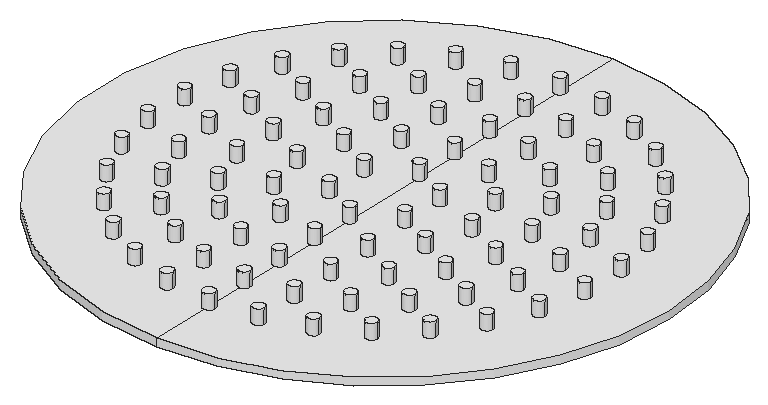
Revit family "Shower-Head-Caroma Titan1", category Plumbing Fixtures, host Face, Revit 2013
Parameters (values of type "200mm")
  Waste Connection = no
  Vent Connection = no
  URL = "http://www.caroma.com.au/"
  Type Comments = if(Small, "Caroma Titan Round Shower Head 200mm", "Caroma Titan Round Shower Head 300mm")  # "Caroma Titan Round Shower Head 200mm"
  Small = yes
  Model = if(Small, "99017SS3A", "99018SS3A")  # "99017SS3A"
  Material_ANZRS = Metal-Chrome-Caroma
  Manufacturer = "GWA Bathrooms & Kitchens"  # constant formula
  Length_ANZRS = if(Small, 200 mm, 300 mm)  # 200 mm
  Large = not(Small)  # no
  Keynote = ""
  HW Connection = no
  Description = "WELS 3 Star rated, 9L/min"  # constant formula
  Default Elevation = 0 mm
  CreatedBy_ANZRS = "Design Content"  # constant formula
  CreatedByURL_ANZRS = "www.designcontent.com.au"
  CW Connection = no
  Assembly Code = "C1030210"
Types (2, lengths in mm): name | Type Comments | Small | Model | Length_ANZRS | Large
  200mm | "Caroma Titan Round Shower Head 200mm" | yes | "99017SS3A" | 200 | no
  300mm | "Caroma Titan Round Shower Head 300mm" | no | "99018SS3A" | 300 | yes
Reference planes
  plane 1 "Center (Front/Back)": y = 0
  plane 2: z = 0
  plane 3 "Center (Left/Right)": x = 0
  plane 4: z = 56.397
  plane 5: z = 45.397
  plane 6 "Left": x = -100
  plane 7 "Right": x = 100
  plane 8: y = -100
  plane 9: y = 100
Forms (mm)
  Revolve 1, solid, material "Metal-Chrome-Caroma" <- "Material_ANZRS"
    sketch origin (0, -400, 656) x (0, 0, -1) y (0, 1, 0)
      loop
        line (656.004, 400) -> (656.004, 411.758) -> (641.949, 411.758) -> (641.949, 410.115) -> (638.437, 410.115) -> (638.437, 409.013) -> (632.502, 409.013)
        arc (632.502, 409.013) -> (631.413, 409.941) -> (630.196, 410.694) r 9.393
        line (630.196, 410.694) -> (630.196, 415.089) -> (629.252, 416.033) -> (614.659, 416.033) -> (614.659, 414.431) -> (613.202, 414.431) -> (613.202, 400) -> (656.004, 400)
      axis (613.202, 400) -> (656.004, 400)
    angle from 0 to 360
  Revolve 2, solid, material "Metal-Chrome-Caroma" <- "Material_ANZRS"
    sketch origin (0, -400, 656) x (0, 0, -1) y (0, 1, 0)
      loop
        line (614.388, 416.033) -> (610.876, 416.033) -> (610.876, 481.334)
        arc (610.876, 481.334) -> (610.807, 481.851) -> (610.608, 482.334) r 2
        line (610.608, 482.334) -> (607.631, 487.49)
        arc (607.631, 487.49) -> (607.431, 487.972) -> (607.363, 488.49) r 2
        line (607.363, 488.49) -> (607.363, 500.074) -> (604.563, 500.074) -> (604.563, 400) -> (614.388, 400) -> (614.388, 416.033)
      axis (604.563, 400) -> (614.388, 400)
    angle from 0 to 360
  Extrusion 3, solid, material "Metal-Chrome-Caroma" <- "Material_ANZRS", visible <- "Small", detail levels fine
    sketch origin (0, 0, 0) x (1, 0, 0) y (0, 1, 0)
      loop
        circle (0, 77.084) r 2
      loop
        circle (0, 61.607) r 2
      loop
        circle (0, 46.165) r 2
      loop
        circle (0, 30.703) r 2
      loop
        circle (0, 15.328) r 2
      loop
        circle (-13.275, 7.664) r 2
      loop
        circle (-26.59, 15.352) r 2
      loop
        circle (-30.703, 0) r 2
      loop
        circle (-45.464, 8.016) r 2
      loop
        circle (-61.607, 0) r 2
      loop
        circle (-76.661, 8.057) r 2
      loop
        circle (-73.311, 23.82) r 2
      loop
        circle (-59.508, 15.945) r 2
      loop
        circle (-66.756, 38.542) r 2
      loop
        circle (-53.354, 30.804) r 2
      loop
        circle (-39.98, 23.082) r 2
      loop
        circle (-29.674, 35.364) r 2
      loop
        circle (-15.352, 26.59) r 2
      loop
        circle (-15.789, 43.381) r 2
      loop
        circle (-30.804, 53.354) r 2
      loop
        circle (-15.945, 59.508) r 2
      loop
        circle (-16.027, 75.399) r 2
      loop
        circle (-31.353, 70.419) r 2
      loop
        circle (-45.309, 62.362) r 2
      loop
        circle (-57.284, 51.579) r 2
      loop
        circle (-43.563, 43.563) r 2
      loop
        circle (0, -77.084) r 2
      loop
        circle (0, -61.607) r 2
      loop
        circle (0, -46.165) r 2
      loop
        circle (0, -30.703) r 2
      loop
        circle (0, -15.328) r 2
      loop
        circle (-13.275, -7.664) r 2
      loop
        circle (-26.59, -15.352) r 2
      loop
        circle (-45.464, -8.016) r 2
      loop
        circle (-76.661, -8.057) r 2
      loop
        circle (-73.311, -23.82) r 2
      loop
        circle (-59.508, -15.945) r 2
      loop
        circle (-66.756, -38.542) r 2
      loop
        circle (-53.354, -30.804) r 2
      loop
        circle (-39.98, -23.082) r 2
      loop
        circle (-29.674, -35.364) r 2
      loop
        circle (-15.352, -26.59) r 2
      loop
        circle (-15.789, -43.381) r 2
      loop
        circle (-30.804, -53.354) r 2
      loop
        circle (-15.945, -59.508) r 2
      loop
        circle (-16.027, -75.399) r 2
      loop
        circle (-31.353, -70.419) r 2
      loop
        circle (-45.309, -62.362) r 2
      loop
        circle (-57.284, -51.579) r 2
      loop
        circle (-43.563, -43.563) r 2
      loop
        circle (13.275, 7.664) r 2
      loop
        circle (26.59, 15.352) r 2
      loop
        circle (30.703, 0) r 2
      loop
        circle (45.464, 8.016) r 2
      loop
        circle (61.607, 0) r 2
      loop
        circle (76.661, 8.057) r 2
      loop
        circle (73.311, 23.82) r 2
      loop
        circle (59.508, 15.945) r 2
      loop
        circle (66.756, 38.542) r 2
      loop
        circle (53.354, 30.804) r 2
      loop
        circle (39.98, 23.082) r 2
      loop
        circle (29.674, 35.364) r 2
      loop
        circle (15.352, 26.59) r 2
      loop
        circle (15.789, 43.381) r 2
      loop
        circle (30.804, 53.354) r 2
      loop
        circle (15.945, 59.508) r 2
      loop
        circle (16.027, 75.399) r 2
      loop
        circle (31.353, 70.419) r 2
      loop
        circle (45.309, 62.362) r 2
      loop
        circle (57.284, 51.579) r 2
      loop
        circle (43.563, 43.563) r 2
      loop
        circle (13.275, -7.664) r 2
      loop
        circle (26.59, -15.352) r 2
      loop
        circle (45.464, -8.016) r 2
      loop
        circle (76.661, -8.057) r 2
      loop
        circle (73.311, -23.82) r 2
      loop
        circle (59.508, -15.945) r 2
      loop
        circle (66.756, -38.542) r 2
      loop
        circle (53.354, -30.804) r 2
      loop
        circle (39.98, -23.082) r 2
      loop
        circle (29.674, -35.364) r 2
      loop
        circle (15.352, -26.59) r 2
      loop
        circle (15.789, -43.381) r 2
      loop
        circle (30.804, -53.354) r 2
      loop
        circle (15.945, -59.508) r 2
      loop
        circle (16.027, -75.399) r 2
      loop
        circle (31.353, -70.419) r 2
      loop
        circle (45.309, -62.362) r 2
      loop
        circle (57.284, -51.579) r 2
      loop
        circle (43.563, -43.563) r 2
    from 51.437 to 56.397
  Extrusion 4, solid, material "Metal-Chrome-Caroma" <- "Material_ANZRS", visible <- "Large", detail levels fine
    sketch origin (0, 0, 0) x (1, 0, 0) y (0, 1, 0)
      loop
        circle (0, 106.975) r 2
      loop
        circle (0, 87.475) r 2
      loop
        circle (0, 67.975) r 2
      loop
        circle (0, 51.475) r 2
      loop
        circle (0, 32.975) r 2
      loop
        circle (0, 16.975) r 2
      loop
        circle (-14.701, 8.487) r 2
      loop
        circle (-32.975, 0) r 2
      loop
        circle (-67.975, 0) r 2
      loop
        circle (-106.975, 0) r 2
      loop
        circle (-105.35, 18.576) r 2
      loop
        circle (-100.523, 36.588) r 2
      loop
        circle (-92.643, 53.487) r 2
      loop
        circle (-81.947, 68.762) r 2
      loop
        circle (-68.762, 81.947) r 2
      loop
        circle (-53.487, 92.643) r 2
      loop
        circle (-36.588, 100.523) r 2
      loop
        circle (-18.576, 105.35) r 2
      loop
        circle (-18.187, 85.563) r 2
      loop
        circle (-35.579, 79.912) r 2
      loop
        circle (-51.416, 70.769) r 2
      loop
        circle (-65.006, 58.532) r 2
      loop
        circle (-75.755, 43.737) r 2
      loop
        circle (-83.194, 27.031) r 2
      loop
        circle (-86.996, 9.144) r 2
      loop
        circle (-65.659, 17.593) r 2
      loop
        circle (-58.868, 33.987) r 2
      loop
        circle (-48.065, 48.065) r 2
      loop
        circle (-33.987, 58.868) r 2
      loop
        circle (-17.593, 65.659) r 2
      loop
        circle (-17.605, 48.371) r 2
      loop
        circle (-33.087, 39.432) r 2
      loop
        circle (-44.579, 25.737) r 2
      loop
        circle (-50.693, 8.939) r 2
      loop
        circle (0, 126.475) r 2
      loop
        circle (-18.91, 125.028) r 2
      loop
        circle (-37.342, 120.821) r 2
      loop
        circle (-54.942, 113.913) r 2
      loop
        circle (-71.316, 104.46) r 2
      loop
        circle (-86.098, 92.672) r 2
      loop
        circle (-98.958, 78.812) r 2
      loop
        circle (-109.608, 63.191) r 2
      loop
        circle (-117.811, 46.156) r 2
      loop
        circle (-123.384, 28.09) r 2
      loop
        circle (-126.202, 9.394) r 2
      loop
        circle (-28.635, 16.441) r 2
      loop
        circle (-16.556, 28.52) r 2
      loop
        circle (14.701, 8.487) r 2
      loop
        circle (105.35, 18.576) r 2
      loop
        circle (100.523, 36.588) r 2
      loop
        circle (92.643, 53.487) r 2
      loop
        circle (81.947, 68.762) r 2
      loop
        circle (68.762, 81.947) r 2
      loop
        circle (53.487, 92.643) r 2
      loop
        circle (36.588, 100.523) r 2
      loop
        circle (18.576, 105.35) r 2
      loop
        circle (18.187, 85.563) r 2
      loop
        circle (35.579, 79.912) r 2
      loop
        circle (51.416, 70.769) r 2
      loop
        circle (65.006, 58.532) r 2
      loop
        circle (75.755, 43.737) r 2
      loop
        circle (83.194, 27.031) r 2
      loop
        circle (86.996, 9.144) r 2
      loop
        circle (65.659, 17.593) r 2
      loop
        circle (58.868, 33.987) r 2
      loop
        circle (48.065, 48.065) r 2
      loop
        circle (33.987, 58.868) r 2
      loop
        circle (17.593, 65.659) r 2
      loop
        circle (17.605, 48.371) r 2
      loop
        circle (33.087, 39.432) r 2
      loop
        circle (44.579, 25.737) r 2
      loop
        circle (50.693, 8.939) r 2
      loop
        circle (18.91, 125.028) r 2
      loop
        circle (37.342, 120.821) r 2
      loop
        circle (54.942, 113.913) r 2
      loop
        circle (71.316, 104.46) r 2
      loop
        circle (86.098, 92.672) r 2
      loop
        circle (98.958, 78.812) r 2
      loop
        circle (109.608, 63.191) r 2
      loop
        circle (117.811, 46.156) r 2
      loop
        circle (123.384, 28.09) r 2
      loop
        circle (126.202, 9.394) r 2
      loop
        circle (28.635, 16.441) r 2
      loop
        circle (16.556, 28.52) r 2
      loop
        circle (32.975, 0) r 2
      loop
        circle (67.975, 0) r 2
      loop
        circle (106.975, 0) r 2
      loop
        circle (0, -106.975) r 2
      loop
        circle (0, -87.475) r 2
      loop
        circle (0, -67.975) r 2
      loop
        circle (0, -51.475) r 2
      loop
        circle (0, -32.975) r 2
      loop
        circle (0, -16.975) r 2
      loop
        circle (-14.701, -8.487) r 2
      loop
        circle (-105.35, -18.576) r 2
      loop
        circle (-100.523, -36.588) r 2
      loop
        circle (-92.643, -53.487) r 2
      loop
        circle (-81.947, -68.762) r 2
      loop
        circle (-68.762, -81.947) r 2
      loop
        circle (-53.487, -92.643) r 2
      loop
        circle (-36.588, -100.523) r 2
      loop
        circle (-18.576, -105.35) r 2
      loop
        circle (-18.187, -85.563) r 2
      loop
        circle (-35.579, -79.912) r 2
      loop
        circle (-51.416, -70.769) r 2
      loop
        circle (-65.006, -58.532) r 2
      loop
        circle (-75.755, -43.737) r 2
      loop
        circle (-83.194, -27.031) r 2
      loop
        circle (-86.996, -9.144) r 2
      loop
        circle (-65.659, -17.593) r 2
      loop
        circle (-58.868, -33.987) r 2
      loop
        circle (-48.065, -48.065) r 2
      loop
        circle (-33.987, -58.868) r 2
      loop
        circle (-17.593, -65.659) r 2
      loop
        circle (-17.605, -48.371) r 2
      loop
        circle (-33.087, -39.432) r 2
      loop
        circle (-44.579, -25.737) r 2
      loop
        circle (-50.693, -8.939) r 2
      loop
        circle (0, -126.475) r 2
      loop
        circle (-18.91, -125.028) r 2
      loop
        circle (-37.342, -120.821) r 2
      loop
        circle (-54.942, -113.913) r 2
      loop
        circle (-71.316, -104.46) r 2
      loop
        circle (-86.098, -92.672) r 2
      loop
        circle (-98.958, -78.812) r 2
      loop
        circle (-109.608, -63.191) r 2
      loop
        circle (-117.811, -46.156) r 2
      loop
        circle (-123.384, -28.09) r 2
      loop
        circle (-126.202, -9.394) r 2
      loop
        circle (-28.635, -16.441) r 2
      loop
        circle (-16.556, -28.52) r 2
      loop
        circle (14.701, -8.487) r 2
      loop
        circle (105.35, -18.576) r 2
      loop
        circle (100.523, -36.588) r 2
      loop
        circle (92.643, -53.487) r 2
      loop
        circle (81.947, -68.762) r 2
      loop
        circle (68.762, -81.947) r 2
      loop
        circle (53.487, -92.643) r 2
      loop
        circle (36.588, -100.523) r 2
      loop
        circle (18.576, -105.35) r 2
      loop
        circle (18.187, -85.563) r 2
      loop
        circle (35.579, -79.912) r 2
      loop
        circle (51.416, -70.769) r 2
      loop
        circle (65.006, -58.532) r 2
      loop
        circle (75.755, -43.737) r 2
      loop
        circle (83.194, -27.031) r 2
      loop
        circle (86.996, -9.144) r 2
      loop
        circle (65.659, -17.593) r 2
      loop
        circle (58.868, -33.987) r 2
      loop
        circle (48.065, -48.065) r 2
      loop
        circle (33.987, -58.868) r 2
      loop
        circle (17.593, -65.659) r 2
      loop
        circle (17.605, -48.371) r 2
      loop
        circle (33.087, -39.432) r 2
      loop
        circle (44.579, -25.737) r 2
      loop
        circle (50.693, -8.939) r 2
      loop
        circle (18.91, -125.028) r 2
      loop
        circle (37.342, -120.821) r 2
      loop
        circle (54.942, -113.913) r 2
      loop
        circle (71.316, -104.46) r 2
      loop
        circle (86.098, -92.672) r 2
      loop
        circle (98.958, -78.812) r 2
      loop
        circle (109.608, -63.191) r 2
      loop
        circle (117.811, -46.156) r 2
      loop
        circle (123.384, -28.09) r 2
      loop
        circle (126.202, -9.394) r 2
      loop
        circle (28.635, -16.441) r 2
      loop
        circle (16.556, -28.52) r 2
    from 51.437 to 56.397
Lines and regions (mm)
  Masking region 1
    outline origin (0, 0, 0) x (1, 0, 0) y (0, 0, 1)
      loop
        line (11.758, -0.004) -> (11.758, 14.051) -> (10.114, 14.051) -> (10.114, 17.563) -> (9.013, 17.563) -> (9.013, 23.498) -> (10.688, 25.804) -> (15.089, 25.804) -> (16.033, 26.748) -> (16.033, 41.341) -> (-16.033, 41.341) -> (-16.033, 26.748) -> (-15.089, 25.804) -> (-10.688, 25.804) -> (-9.013, 23.498) -> (-9.013, 17.563) -> (-10.114, 17.563) -> (-10.114, 14.051) -> (-11.758, 14.051) -> (-11.758, -0.004) -> (11.758, -0.004)
  Masking region 2
    outline origin (0, 0, 0) x (1, 0, 0) y (0, 0, 1)
      loop
        line (-15.958, 41.612) -> (15.958, 41.612) -> (15.958, 45.124) -> (81.259, 45.124)
        arc (81.259, 45.124) -> (81.777, 45.193) -> (82.259, 45.392) r 2
        line (82.259, 45.392) -> (87.415, 48.369)
        arc (87.415, 48.369) -> (87.898, 48.569) -> (88.415, 48.637) r 2
        line (88.415, 48.637) -> (100, 48.637) -> (100, 51.437) -> (-100, 51.437) -> (-100, 48.637) -> (-88.415, 48.637)
        arc (-88.415, 48.637) -> (-87.898, 48.569) -> (-87.415, 48.369) r 2
        line (-87.415, 48.369) -> (-82.259, 45.392)
        arc (-82.259, 45.392) -> (-81.777, 45.193) -> (-81.259, 45.124) r 2
        line (-81.259, 45.124) -> (-15.958, 45.124) -> (-15.958, 41.612)
  symbolic lines, style "PlumbingFixturesHiddenLines"
    curve 1: circle (0, 0, 0) r 100.074 normal (0, 0, 1)
  symbolic lines
    curve 2: line (-16.033, 0, 45.124) -> (16.033, 0, 45.124)
    curve 3: line (90, 0, 48.637) -> (-88.415, 0, 48.637)
    curve 4: line (-16.033, 0, 26.748) -> (16.033, 0, 26.748)
    curve 5: line (-10.688, 0, 25.804) -> (10.694, 0, 25.804)
    curve 6: line (-9.013, 0, 23.498) -> (9.013, 0, 23.498)
    curve 7: line (-9.013, 0, 17.563) -> (9.013, 0, 17.563)
    curve 8: line (-10.114, 0, 14.051) -> (10.114, 0, 14.051)
Dimensions and locks
  equal spacing: plane 9, plane 1 "Center (Front/Back)", plane 8
  equal spacing: plane 6 "Left", plane 3 "Center (Left/Right)", plane 7 "Right"
  "Length_ANZRS": plane 6 "Left" to plane 7 "Right"
  "Length_ANZRS": plane 9 to plane 8
  curve 1 to plane 6 "Left" = 0.074 mm
  curve 1 to plane 9 = 0.074 mm
  aligned and locked: plane 2 to host face
  aligned and locked: level to host face
Automatic sketch dimensions
  host sketch curve to host sketch curve = 568 mm
  host sketch curve to host sketch curve = 566 mm
  Revolve 1 sketch curve to plane 1 "Center (Front/Back)" = 0 mm  (x2)
  Revolve 1 sketch curve to plane 5 = 2.599 mm
  Revolve 1 sketch curve to plane 1 "Center (Front/Back)" = 9.013 mm
  Revolve 1 sketch curve to Revolve 1 sketch curve = 1.457 mm
  Revolve 1 sketch curve to Revolve 1 sketch curve = 14.593 mm
  Revolve 1 sketch curve to Revolve 1 sketch curve = 0.944 mm  (x2)
  Revolve 1 sketch curve to Revolve 1 sketch curve = 2.306 mm
  Revolve 1 sketch curve to Revolve 1 sketch curve = 5.935 mm
  Revolve 1 sketch curve to Revolve 1 sketch curve = 3.512 mm
  Revolve 1 sketch curve to level = 0.004 mm
  Revolve 1 sketch curve to plane 1 "Center (Front/Back)" = 2.351 mm
  Revolve 1 sketch curve to Revolve 1 sketch curve = 4.315 mm
  Revolve 1 sketch curve to Revolve 1 sketch curve = 0 mm
  Revolve 1 sketch curve to Revolve 1 sketch curve = 5 mm
  Revolve 1 sketch curve to Revolve 1 sketch curve = 1.102 mm
  Revolve 1 sketch curve to Revolve 1 sketch curve = 1.643 mm
  Revolve 1 sketch curve to plane 1 "Center (Front/Back)" = 14.431 mm
  Revolve 1 sketch curve to Revolve 1 sketch curve = 4.396 mm
  Revolve 2 sketch curve to plane 1 "Center (Front/Back)" = 0 mm  (x2)
  plane 4 to Revolve 2 sketch curve = 4.96 mm
  Revolve 2 sketch curve to plane 5 = 0.273 mm
  Revolve 2 sketch curve to plane 1 "Center (Front/Back)" = 16.033 mm
  plane 9 to Revolve 2 sketch curve = 0.074 mm
  Revolve 2 sketch curve to Revolve 2 sketch curve = 2.8 mm
  Revolve 2 sketch curve to Revolve 2 sketch curve = 0.268 mm
  Revolve 2 sketch curve to plane 5 = 0.005 mm
  Revolve 2 sketch curve to plane 5 = 3.785 mm
  plane 5 to Revolve 2 sketch curve = 1.727 mm
  plane 5 to Revolve 2 sketch curve = 1.24 mm
  Revolve 2 sketch curve to level = 0.004 mm
  Revolve 2 sketch curve to Revolve 2 sketch curve = 5 mm
  Revolve 2 sketch curve to plane 9 = 18.666 mm
  Revolve 2 sketch curve to Revolve 2 sketch curve = 5.156 mm
  plane 1 "Center (Front/Back)" to Extrusion 3 sketch curve = 0 mm  (x4)
  Extrusion 3 sketch curve to plane 3 "Center (Left/Right)" = 0 mm  (x10)
  Extrusion 3 sketch curve to plane 3 "Center (Left/Right)" = 13.275 mm  (x2)
  Extrusion 3 sketch curve to plane 3 "Center (Left/Right)" = 15.352 mm  (x2)
  Extrusion 3 sketch curve to plane 3 "Center (Left/Right)" = 15.789 mm  (x2)
  Extrusion 3 sketch curve to plane 3 "Center (Left/Right)" = 15.945 mm  (x2)
  Extrusion 3 sketch curve to Extrusion 3 sketch curve = 0.081 mm  (x4)
  Extrusion 3 sketch curve to Extrusion 3 sketch curve = 13.315 mm  (x4)
  Extrusion 3 sketch curve to Extrusion 3 sketch curve = 13.885 mm  (x4)
  Extrusion 3 sketch curve to Extrusion 3 sketch curve = 4.113 mm  (x2)
  Extrusion 3 sketch curve to Extrusion 3 sketch curve = 14.859 mm  (x4)
  Extrusion 3 sketch curve to Extrusion 3 sketch curve = 15.326 mm  (x4)
  Extrusion 3 sketch curve to Extrusion 3 sketch curve = 13.39 mm  (x4)
  Extrusion 3 sketch curve to Extrusion 3 sketch curve = 12.759 mm  (x8)
  Extrusion 3 sketch curve to Extrusion 3 sketch curve = 13.956 mm  (x4)
  Extrusion 3 sketch curve to plane 1 "Center (Front/Back)" = 8.016 mm  (x2)
  Extrusion 3 sketch curve to Extrusion 3 sketch curve = 5.484 mm  (x2)
  plane 1 "Center (Front/Back)" to Extrusion 3 sketch curve = 8.016 mm  (x2)
  Extrusion 3 sketch curve to Extrusion 3 sketch curve = 0 mm  (x4)
  Extrusion 3 sketch curve to Extrusion 3 sketch curve = 13.374 mm  (x4)
  Extrusion 3 sketch curve to Extrusion 3 sketch curve = 13.721 mm  (x4)
  Extrusion 3 sketch curve to Extrusion 3 sketch curve = 6.155 mm  (x8)
  Extrusion 3 sketch curve to Extrusion 3 sketch curve = 2.099 mm  (x2)
  Extrusion 3 sketch curve to Extrusion 3 sketch curve = 13.403 mm  (x4)
  Extrusion 3 sketch curve to Extrusion 3 sketch curve = 13.803 mm  (x4)
  Extrusion 3 sketch curve to plane 1 "Center (Front/Back)" = 8.057 mm  (x2)
  Extrusion 3 sketch curve to Extrusion 3 sketch curve = 3.35 mm  (x2)
  plane 1 "Center (Front/Back)" to Extrusion 3 sketch curve = 8.057 mm  (x2)
  plane 3 "Center (Left/Right)" to Extrusion 3 sketch curve = 13.275 mm  (x2)
  plane 3 "Center (Left/Right)" to Extrusion 3 sketch curve = 15.352 mm  (x2)
  plane 3 "Center (Left/Right)" to Extrusion 3 sketch curve = 15.789 mm  (x2)
  plane 3 "Center (Left/Right)" to Extrusion 3 sketch curve = 15.945 mm  (x2)
  plane 1 "Center (Front/Back)" to Extrusion 3 sketch curve = 15.328 mm
  plane 1 "Center (Front/Back)" to Extrusion 3 sketch curve = 15.352 mm  (x2)
  plane 1 "Center (Front/Back)" to Extrusion 3 sketch curve = 15.945 mm  (x2)
  Extrusion 3 sketch curve to Extrusion 3 sketch curve = 7.731 mm  (x4)
  Extrusion 3 sketch curve to Extrusion 3 sketch curve = 7.875 mm  (x4)
  Extrusion 3 sketch curve to Extrusion 3 sketch curve = 11.238 mm  (x4)
  Extrusion 3 sketch curve to Extrusion 3 sketch curve = 15.375 mm  (x2)
  Extrusion 3 sketch curve to Extrusion 3 sketch curve = 7.721 mm  (x4)
  Extrusion 3 sketch curve to Extrusion 3 sketch curve = 12.282 mm  (x4)
  Extrusion 3 sketch curve to Extrusion 3 sketch curve = 7.738 mm  (x4)
  Extrusion 3 sketch curve to Extrusion 3 sketch curve = 8.016 mm  (x8)
  Extrusion 3 sketch curve to Extrusion 3 sketch curve = 15.462 mm  (x2)
  Extrusion 3 sketch curve to Extrusion 3 sketch curve = 9.791 mm  (x4)
  Extrusion 3 sketch curve to Extrusion 3 sketch curve = 15.443 mm  (x2)
  Extrusion 3 sketch curve to Extrusion 3 sketch curve = 10.783 mm  (x4)
  Extrusion 3 sketch curve to Extrusion 3 sketch curve = 8.057 mm  (x4)
  Extrusion 3 sketch curve to Extrusion 3 sketch curve = 15.891 mm  (x4)
  Extrusion 3 sketch curve to Extrusion 3 sketch curve = 15.476 mm  (x2)
  plane 1 "Center (Front/Back)" to Extrusion 3 sketch curve = 7.664 mm  (x2)
  Extrusion 3 sketch curve to plane 1 "Center (Front/Back)" = 7.664 mm  (x2)
  Extrusion 3 sketch curve to plane 1 "Center (Front/Back)" = 15.328 mm
  Extrusion 3 sketch curve to plane 1 "Center (Front/Back)" = 15.352 mm  (x2)
  Extrusion 3 sketch curve to plane 1 "Center (Front/Back)" = 15.945 mm  (x2)
  plane 1 "Center (Front/Back)" to Extrusion 4 sketch curve = 0 mm  (x6)
  Extrusion 4 sketch curve to plane 3 "Center (Left/Right)" = 0 mm  (x14)
  Extrusion 4 sketch curve to plane 3 "Center (Left/Right)" = 14.701 mm  (x2)
  Extrusion 4 sketch curve to plane 3 "Center (Left/Right)" = 16.556 mm  (x2)
  Extrusion 4 sketch curve to plane 3 "Center (Left/Right)" = 17.593 mm  (x2)
  Extrusion 4 sketch curve to Extrusion 4 sketch curve = 0.012 mm  (x4)
  Extrusion 4 sketch curve to plane 3 "Center (Left/Right)" = 18.187 mm  (x2)
  Extrusion 4 sketch curve to plane 3 "Center (Left/Right)" = 18.576 mm  (x2)
  Extrusion 4 sketch curve to plane 3 "Center (Left/Right)" = 18.91 mm  (x2)
  Extrusion 4 sketch curve to Extrusion 4 sketch curve = 13.934 mm  (x4)
  Extrusion 4 sketch curve to Extrusion 4 sketch curve = 4.34 mm  (x2)
  Extrusion 4 sketch curve to Extrusion 4 sketch curve = 15.482 mm  (x4)
  Extrusion 4 sketch curve to Extrusion 4 sketch curve = 16.394 mm  (x4)
  Extrusion 4 sketch curve to Extrusion 4 sketch curve = 17.392 mm  (x4)
  Extrusion 4 sketch curve to Extrusion 4 sketch curve = 18.012 mm  (x8)
  Extrusion 4 sketch curve to Extrusion 4 sketch curve = 18.433 mm  (x4)
  Extrusion 4 sketch curve to Extrusion 4 sketch curve = 11.491 mm  (x4)
  Extrusion 4 sketch curve to Extrusion 4 sketch curve = 14.978 mm  (x4)
  Extrusion 4 sketch curve to plane 1 "Center (Front/Back)" = 8.939 mm  (x2)
  Extrusion 4 sketch curve to Extrusion 4 sketch curve = 6.114 mm  (x2)
  Extrusion 4 sketch curve to Extrusion 4 sketch curve = 0 mm  (x6)
  Extrusion 4 sketch curve to Extrusion 4 sketch curve = 15.837 mm  (x4)
  Extrusion 4 sketch curve to Extrusion 4 sketch curve = 16.9 mm  (x8)
  Extrusion 4 sketch curve to Extrusion 4 sketch curve = 17.6 mm  (x4)
  Extrusion 4 sketch curve to Extrusion 4 sketch curve = 14.289 mm  (x4)
  Extrusion 4 sketch curve to Extrusion 4 sketch curve = 13.59 mm  (x4)
  Extrusion 4 sketch curve to Extrusion 4 sketch curve = 14.966 mm  (x4)
  Extrusion 4 sketch curve to Extrusion 4 sketch curve = 2.316 mm  (x2)
  Extrusion 4 sketch curve to Extrusion 4 sketch curve = 15.275 mm  (x8)
  Extrusion 4 sketch curve to Extrusion 4 sketch curve = 16.374 mm  (x4)
  Extrusion 4 sketch curve to Extrusion 4 sketch curve = 10.749 mm  (x4)
  Extrusion 4 sketch curve to Extrusion 4 sketch curve = 13.185 mm  (x8)
  Extrusion 4 sketch curve to Extrusion 4 sketch curve = 7.438 mm  (x4)
  Extrusion 4 sketch curve to Extrusion 4 sketch curve = 14.782 mm  (x4)
  plane 1 "Center (Front/Back)" to Extrusion 4 sketch curve = 9.144 mm  (x2)
  Extrusion 4 sketch curve to Extrusion 4 sketch curve = 3.802 mm  (x2)
  Extrusion 4 sketch curve to plane 1 "Center (Front/Back)" = 9.144 mm  (x2)
  Extrusion 4 sketch curve to Extrusion 4 sketch curve = 10.695 mm  (x8)
  Extrusion 4 sketch curve to Extrusion 4 sketch curve = 12.86 mm  (x4)
  Extrusion 4 sketch curve to Extrusion 4 sketch curve = 7.881 mm  (x8)
  Extrusion 4 sketch curve to Extrusion 4 sketch curve = 4.826 mm  (x8)
  Extrusion 4 sketch curve to Extrusion 4 sketch curve = 1.625 mm  (x4)
  Extrusion 4 sketch curve to Extrusion 4 sketch curve = 10.651 mm  (x4)
  Extrusion 4 sketch curve to Extrusion 4 sketch curve = 8.203 mm  (x4)
  Extrusion 4 sketch curve to Extrusion 4 sketch curve = 5.573 mm  (x4)
  Extrusion 4 sketch curve to plane 1 "Center (Front/Back)" = 9.394 mm  (x2)
  Extrusion 4 sketch curve to Extrusion 4 sketch curve = 2.818 mm  (x2)
  plane 3 "Center (Left/Right)" to Extrusion 4 sketch curve = 14.701 mm  (x2)
  plane 3 "Center (Left/Right)" to Extrusion 4 sketch curve = 16.556 mm  (x2)
  plane 3 "Center (Left/Right)" to Extrusion 4 sketch curve = 17.593 mm  (x2)
  plane 3 "Center (Left/Right)" to Extrusion 4 sketch curve = 18.187 mm  (x2)
  plane 3 "Center (Left/Right)" to Extrusion 4 sketch curve = 18.576 mm  (x2)
  plane 3 "Center (Left/Right)" to Extrusion 4 sketch curve = 18.91 mm  (x2)
  plane 1 "Center (Front/Back)" to Extrusion 4 sketch curve = 9.394 mm  (x2)
  plane 1 "Center (Front/Back)" to Extrusion 4 sketch curve = 16.441 mm  (x2)
  plane 1 "Center (Front/Back)" to Extrusion 4 sketch curve = 16.975 mm
  plane 1 "Center (Front/Back)" to Extrusion 4 sketch curve = 17.593 mm  (x2)
  plane 1 "Center (Front/Back)" to Extrusion 4 sketch curve = 18.576 mm  (x2)
  Extrusion 4 sketch curve to Extrusion 4 sketch curve = 9.297 mm  (x2)
  Extrusion 4 sketch curve to Extrusion 4 sketch curve = 9.438 mm
  Extrusion 4 sketch curve to Extrusion 4 sketch curve = 17.888 mm  (x3)
  Extrusion 4 sketch curve to Extrusion 4 sketch curve = 18.696 mm  (x4)
  Extrusion 4 sketch curve to Extrusion 4 sketch curve = 12.079 mm  (x4)
  Extrusion 4 sketch curve to Extrusion 4 sketch curve = 16 mm  (x2)
  Extrusion 4 sketch curve to Extrusion 4 sketch curve = 8.25 mm  (x4)
  Extrusion 4 sketch curve to Extrusion 4 sketch curve = 13.695 mm  (x4)
  Extrusion 4 sketch curve to Extrusion 4 sketch curve = 16.706 mm  (x4)
  Extrusion 4 sketch curve to Extrusion 4 sketch curve = 18.067 mm  (x4)
  Extrusion 4 sketch curve to Extrusion 4 sketch curve = 8.633 mm  (x4)
  Extrusion 4 sketch curve to Extrusion 4 sketch curve = 8.939 mm  (x4)
  Extrusion 4 sketch curve to Extrusion 4 sketch curve = 3.104 mm  (x2)
  Extrusion 4 sketch curve to Extrusion 4 sketch curve = 14.795 mm  (x4)
  Extrusion 4 sketch curve to Extrusion 4 sketch curve = 10.802 mm  (x4)
  Extrusion 4 sketch curve to Extrusion 4 sketch curve = 17.034 mm  (x4)
  Extrusion 4 sketch curve to Extrusion 4 sketch curve = 17.288 mm  (x4)
  Extrusion 4 sketch curve to Extrusion 4 sketch curve = 16.5 mm  (x2)
  Extrusion 4 sketch curve to Extrusion 4 sketch curve = 12.237 mm  (x4)
  Extrusion 4 sketch curve to Extrusion 4 sketch curve = 15.621 mm  (x4)
  Extrusion 4 sketch curve to Extrusion 4 sketch curve = 9.144 mm  (x4)
  Extrusion 4 sketch curve to Extrusion 4 sketch curve = 5.651 mm  (x4)
  Extrusion 4 sketch curve to Extrusion 4 sketch curve = 1.912 mm  (x2)
  Extrusion 4 sketch curve to Extrusion 4 sketch curve = 13.86 mm  (x4)
  Extrusion 4 sketch curve to Extrusion 4 sketch curve = 11.788 mm  (x4)
  Extrusion 4 sketch curve to Extrusion 4 sketch curve = 9.453 mm  (x4)
  Extrusion 4 sketch curve to Extrusion 4 sketch curve = 6.907 mm  (x4)
  Extrusion 4 sketch curve to Extrusion 4 sketch curve = 4.207 mm  (x4)
  Extrusion 4 sketch curve to Extrusion 4 sketch curve = 1.447 mm  (x2)
  plane 1 "Center (Front/Back)" to Extrusion 4 sketch curve = 8.939 mm  (x2)
  plane 1 "Center (Front/Back)" to Extrusion 4 sketch curve = 8.487 mm  (x2)
  Extrusion 4 sketch curve to plane 1 "Center (Front/Back)" = 8.487 mm  (x2)
  Extrusion 4 sketch curve to Extrusion 4 sketch curve = 7.953 mm  (x2)
  Extrusion 4 sketch curve to plane 1 "Center (Front/Back)" = 16.975 mm
  Extrusion 4 sketch curve to Extrusion 4 sketch curve = 8.655 mm  (x2)
  Extrusion 4 sketch curve to plane 1 "Center (Front/Back)" = 18.576 mm  (x2)
  Extrusion 4 sketch curve to Extrusion 4 sketch curve = 16.799 mm  (x2)
  curve 1 to plane 3 "Center (Left/Right)" = 0 mm
  Masking region 1 sketch curve to plane 5 = 4.055 mm
  Masking region 1 sketch curve to plane 3 "Center (Left/Right)" = 16.033 mm
  Masking region 1 sketch curve to level = 0.004 mm
  Masking region 1 sketch curve to Masking region 1 sketch curve = 0.944 mm  (x4)
  Masking region 1 sketch curve to plane 3 "Center (Left/Right)" = 11.758 mm
  Masking region 1 sketch curve to Masking region 1 sketch curve = 4.401 mm  (x2)
  Masking region 1 sketch curve to Masking region 1 sketch curve = 1.643 mm
  Masking region 1 sketch curve to Masking region 1 sketch curve = 1.102 mm  (x2)
  plane 3 "Center (Left/Right)" to Masking region 1 sketch curve = 9.013 mm
  Masking region 1 sketch curve to Masking region 1 sketch curve = 1.675 mm
  plane 3 "Center (Left/Right)" to Masking region 1 sketch curve = 11.758 mm
  level to Masking region 1 sketch curve = 14.051 mm  (x2)
  Masking region 1 sketch curve to Masking region 1 sketch curve = 3.512 mm  (x2)
  Masking region 1 sketch curve to Masking region 1 sketch curve = 5.935 mm  (x2)
  Masking region 1 sketch curve to Masking region 1 sketch curve = 2.306 mm  (x2)
  Masking region 2 sketch curve to plane 6 "Left" = 0 mm
  Masking region 2 sketch curve to plane 7 "Right" = 0 mm
  plane 6 "Left" to Masking region 2 sketch curve = 11.585 mm
  plane 5 to Masking region 2 sketch curve = 2.972 mm  (x2)
  Masking region 2 sketch curve to Masking region 2 sketch curve = 1 mm  (x4)
  Masking region 2 sketch curve to plane 5 = 0.005 mm  (x2)
  Masking region 2 sketch curve to Masking region 2 sketch curve = 5.156 mm  (x2)
  Masking region 2 sketch curve to plane 5 = 0.273 mm  (x2)
  Masking region 2 sketch curve to plane 3 "Center (Left/Right)" = 15.958 mm
  plane 3 "Center (Left/Right)" to Masking region 2 sketch curve = 15.958 mm
  Masking region 2 sketch curve to plane 7 "Right" = 18.741 mm
  Masking region 2 sketch curve to Masking region 2 sketch curve = 0.268 mm
  Masking region 2 sketch curve to Masking region 2 sketch curve = 2.8 mm  (x2)
  Masking region 2 sketch curve to Masking region 2 sketch curve = 3.513 mm
  plane 5 to curve 3 = 3.24 mm
  plane 6 "Left" to curve 3 = 11.585 mm
  curve 4 to plane 3 "Center (Left/Right)" = 16.033 mm
  curve 2 to plane 5 = 0.273 mm
  curve 2 to plane 3 "Center (Left/Right)" = 16.033 mm
  curve 4 to curve 5 = 5.345 mm
  curve 8 to plane 3 "Center (Left/Right)" = 10.114 mm
  curve 8 to curve 7 = 1.102 mm
  curve 5 to curve 6 = 1.675 mm
  plane 3 "Center (Left/Right)" to curve 7 = 9.013 mm
  curve 6 to curve 7 = 0 mm
  curve 7 to curve 8 = 1.102 mm
  curve 6 to curve 5 = 1.681 mm
  plane 3 "Center (Left/Right)" to curve 2 = 16.033 mm
  curve 5 to curve 4 = 5.339 mm
  curve 3 to plane 7 "Right" = 10 mm
  curve 4 to curve 2 = 18.376 mm
  curve 5 to curve 4 = 0.944 mm
  curve 6 to curve 5 = 2.306 mm
  curve 7 to curve 6 = 5.935 mm
  curve 8 to curve 7 = 3.512 mm
  radius of Extrusion 3 sketch curve = 2 mm  (x90)
  radius of Extrusion 4 sketch curve = 2 mm  (x168)
